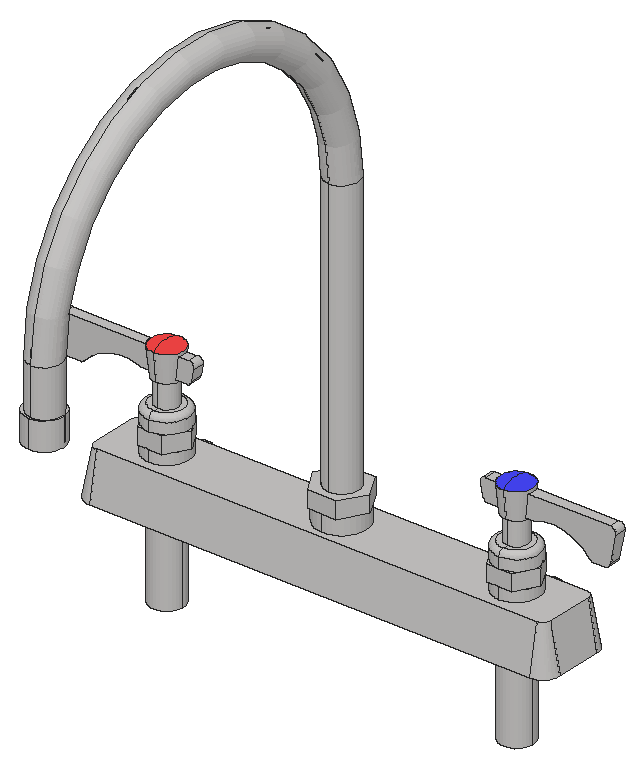
Revit family "Krowne_15-502L_DeckMount_Faucet", category Plumbing Fixtures, Revit 2018
Family settings
  Round Connector Dimension = Use Diameter
  Part Type = Normal
  OmniClass Number = 23.40.40.00
  OmniClass Title = Food Service Equipment and Furnishings
  Work Plane-Based = No
  Always vertical = Yes
  Cut with Voids When Loaded = No
  Shared = No
  Room Calculation Point = No
Parameters (values of type "DefaultType")
  Width = 12 3/4"
  Weight in Pounds = 5
  Watermarked By = ""
  Waste Water Discharge Temperature [instance] = -459.67 °F
  URL Cutsheet = ""
  URL = "https://krowne.com/"
  Status [instance] = ""
  Specification by User [instance] = ""
  Specification by Manufacturer [instance] = ""
  Serial Number [instance] = ""
  Revision Code [instance] = ""
  Plumbing Remarks [instance] = ""
  Plumbing Connection Type = ""
  NAFEM Spec ID Number [instance] = ""
  Model = "15-502L"
  Masterspec [instance] = ""
  Manufacturer = "Krowne Metal"
  KCLRef = "KCL2C9,,0004c591-0000-0000-0000-000000000307,KR,15-502L ,637110198780000000,53bf11c5-0fcf-46a1-84da-226960559c97,9d89b8e6-9a44-48a0-8706-9f74be528bcd"
  KCL SpecSheet URL = "http://kclweb.kclcad.com/imagehandler.ashx?kdoc=15-5xxl&R=KR&M=15-502L%20&VC=7&TID=KCLWeb&T=doc"
  Item Number [instance] = "-"
  Installed By [instance] = ""
  Hot Water Temperature = 100 °F
  Hot Water Size = 1/2"
  Hot Water RI Height [instance] = 0"
  Hot Water Minimum Pressure = 0.00 psi
  Hot Water Maximum Pressure = 0.00 psi
  Hot Water Flow = 1.8 GPM
  Hot Water Consumption = 0 GPM
  Hot Water Connection Height = 0"
  Height = 3 3/8"
  Furnished By [instance] = ""
  Foodservice Equipment Identifier = yes
  Description = "Deck Mount Faucet"
  Depth = 1 7/8"
  Cold Water Temperature Recommended = -459.67 °F
  Cold Water Size = 1/2"
  Cold Water RI Height [instance] = 0"
  Cold Water Minimum Pressure = 0.00 psi
  Cold Water Maximum Pressure = 0.00 psi
  Cold Water Flow = 1.8 GPM
  Cold Water Consumption = ""
  Cold Water Connection Height = 0"
  CSI MasterFormat = ""
  Assembly Code = "E1090300"
Reference planes (in)
  plane 1 "BACK": y = 0
  plane 2: z = 0
  plane 3 "LEFT": x = -18.94073
  plane 4 "RIGHT": x = -6.19073
  plane 5 "FRONT": y = -1.875
  plane 6 "TOP": z = 3.375
  plane 7 "CENTER L/R": x = -12.56573
  plane 8 "Top of Body": z = 1.0625
  plane 9: y = -0.9375
  plane 10: z = 12.75
  plane 11: z = 6.4375
  plane 12: y = -9.4375
Forms (in)
  Sweep 1, solid, material "QF_Stainless-Polished"
    path origin (-12.56573, 0, 0) x (0, 1, 0) y (0, 0, 1)
      loop
        line (-0.9375, 1.0625) -> (-0.9375, 8.125)
        arc (-0.9375, 8.125) -> (-5.1875, 12.375) -> (-9.4375, 8.125) r 4.25
        line (-9.4375, 8.125) -> (-9.4375, 6.4375)
    profile origin (-12.56573, -0.9375, 4.59375) x (0, -1, 0) y (1, 0, 0)
      loop
        circle (0, 0) r 0.375
      loop
        circle (0, 0) r 0.25
  Extrusion 2, solid, material "QF_Stainless-Polished"
    sketch origin (0, 0, 1.0625) x (0, 1, 0) y (-1, 0, 0)
      loop
        circle (-0.9375, 12.56573) r 0.375
      loop
        circle (-0.9375, 12.56573) r 0.4375
    from 0 to 0.625
  Extrusion 3, solid, material "QF_Stainless-Polished"
    sketch origin (0, 0, 1.0625) x (0, 1, 0) y (-1, 0, 0)
      loop
        circle (-0.9375, 12.56573) r 0.5625
      loop
        circle (-0.9375, 12.56573) r 0.375
    from 0 to 0.375
  Extrusion 4, solid, material "QF_Stainless-Polished"
    sketch origin (0, 0, 1.4375) x (0, 1, 0) y (-1, 0, 0)
      loop
        line (-0.9375, 11.91391) -> (-0.37301, 12.23982) -> (-0.37301, 12.89163) -> (-0.9375, 13.21754) -> (-1.50199, 12.89163) -> (-1.50199, 12.23982) -> (-0.9375, 11.91391)
      loop
        circle (-0.9375, 12.56573) r 0.375
    from 0 to 0.375
  Extrusion 5, solid, material "QF_Stainless-Polished"
    sketch origin (-12.56573, -9.4375, 6.4375) x (0, -1, 0) y (-1, 0, 0)
      loop
        circle (0, 0) r 0.375
      loop
        circle (0, 0) r 0.4375
    from 0 to -0.625
Lines and regions (in)
  symbolic lines
    curve 1: line (-12.23982, -0.37301, 0) -> (-12.89163, -0.37301, 0)
    curve 2: line (-12.89163, -0.37301, 0) -> (-13.21754, -0.9375, 0)
    curve 3: line (-13.21754, -0.9375, 0) -> (-12.94073, -1.41696, 0)
    curve 4: line (-12.19073, -1.41696, 0) -> (-11.91391, -0.9375, 0)
    curve 5: line (-11.91391, -0.9375, 0) -> (-12.23982, -0.37301, 0)
    curve 6: arc (-12.56573, -1.3125, 0) -> (-12.94073, -0.9375, 0) -> (-12.56573, -0.5625, 0) r 0.375
    curve 7: arc (-12.56573, -0.5625, 0) -> (-12.19073, -0.9375, 0) -> (-12.56573, -1.3125, 0) r 0.375
    curve 8: arc (-12.94073, -9.4375, 0) -> (-12.83089, -9.70267, 0) -> (-12.56573, -9.8125, 0) r 0.375
    curve 9: arc (-12.56573, -9.8125, 0) -> (-12.30056, -9.70267, 0) -> (-12.19073, -9.4375, 0) r 0.375
    curve 10: line (-12.94073, -9.4375, 0) -> (-12.94073, -0.9375, 0)
    curve 11: line (-12.19073, -0.9375, 0) -> (-12.19073, -9.4375, 0)
Dimensions and locks (in)
  "Width": plane 3 "LEFT" to plane 4 "RIGHT"
  "Depth": plane 5 "FRONT" to plane 1 "BACK"
  "Height": plane 6 "TOP" to plane 2
  plane 8 "Top of Body" to level = 1 1/16"
  equal spacing: plane 5 "FRONT", plane 9, plane 1 "BACK"
  equal spacing: plane 3 "LEFT", plane 7 "CENTER L/R", plane 4 "RIGHT"
  plane 10 to plane 8 "Top of Body" = 11 11/16"
  plane 11 to plane 8 "Top of Body" = 5 3/8"
  plane 12 to plane 1 "BACK" = 9 7/16"
  aligned and locked: level to plane 2
  aligned and locked: plane 9 to Sweep 1 sketch curve
  aligned and locked: Sweep 1 sketch curve to plane 12
  aligned and locked: plane 11 to Sweep 1 sketch curve
Automatic sketch dimensions
  Sweep 1 sketch curve to plane 8 "Top of Body" = 0"
  Sweep 1 sketch curve to Sweep 1 sketch curve = 0"  (x2)
  Sweep 1 sketch curve to plane 7 "CENTER L/R" = 0"
  Sweep 1 sketch curve to profile plane = 0"
  Extrusion 2 sketch curve to Extrusion 2 sketch curve = 0"  (x2)
  Extrusion 2 sketch curve to plane 7 "CENTER L/R" = 0"
  plane 9 to Extrusion 2 sketch curve = 0"
  Extrusion 4 sketch curve to Extrusion 4 sketch curve = 0"  (x2)
  Extrusion 4 sketch curve to Extrusion 4 sketch curve = 0.56449"  (x2)
  Extrusion 4 sketch curve to Extrusion 4 sketch curve = 0.32591"  (x5)
  Extrusion 4 sketch curve to Extrusion 4 sketch curve = 0.65182"
  curve 8 to curve 9 = 0"
  plane 9 to curve 2 = 0"
  plane 12 to curve 10 = 0"
  plane 9 to curve 10 = 0"
  curve 6 to plane 7 "CENTER L/R" = 0"
  plane 9 to curve 11 = 0"
  plane 9 to curve 4 = 0"
  plane 9 to curve 6 = 0"
  curve 1 to plane 7 "CENTER L/R" = 0.32591"
  curve 10 to curve 8 = 3/8"
  curve 3 to curve 10 = 0.27682"
  plane 7 "CENTER L/R" to curve 5 = 0.32591"
  curve 11 to curve 4 = 0.27682"
  plane 1 "BACK" to curve 1 = 0.37301"
  curve 3 to curve 6 = 0.10446"
  curve 4 to curve 6 = 0.10446"
  Sweep 1 sketch curve to plane 10 = 4 5/8"
  Extrusion 3 sketch curve to Extrusion 3 sketch curve = 0"  (x2)
  Extrusion 3 sketch curve to plane 7 "CENTER L/R" = 0"
  plane 9 to Extrusion 3 sketch curve = 0"
  radius of Sweep 1 sketch curve = 3/8"
  radius of Sweep 1 sketch curve = 1/4"
  radius of Extrusion 2 sketch curve = 3/8"
  radius of Extrusion 2 sketch curve = 7/16"
  radius of Extrusion 4 sketch curve to Extrusion 3 = 0"
  radius of Extrusion 5 sketch curve to Sweep 1 = 0"
  radius of Sweep 1 to Extrusion 5 sketch curve = 1/16"
  radius of Extrusion 3 sketch curve = 9/16"
  radius of Extrusion 3 sketch curve = 3/8"
Nested families (in)
  nested 1: "QF_Krowne_15-5_Body" at (-0.1875, -0.03125, 0), type "QF_Krowne_15-5_Body"
Connectors (in)
  piping at (-16.56573, 0.21875, 0.53125), diameter 0.5, driven by "Hot Water Flow", driven by "Hot Water Size"
    settings: on nested 1, index 1, connector inside diameter 24", connector length 0", flow factor 0, pipe flow 1.8 GPM, pressure drop 0.00 psi, fitting loss kfactor 0, connector angle 0.00°, fixture units 0, engagement length 0", angle of deflection 0.00°, flow configuration 1, flow direction 1, fitting loss method 0, system type 19, joint type 0, gender type 0, connector reference index -1, connector utility 0, adjustable connector no, is connector primary yes, connector description "HOT WATER"
  piping at (-8.56573, 0.21875, 0.53125), diameter 0.5, driven by "Cold Water Flow", driven by "Cold Water Size"
    settings: on nested 1, index 2, connector inside diameter 24", connector length 0", flow factor 0, pipe flow 1.8 GPM, pressure drop 0.00 psi, fitting loss kfactor 0, connector angle 0.00°, fixture units 0, engagement length 0", angle of deflection 0.00°, flow configuration 1, flow direction 1, fitting loss method 0, system type 20, joint type 0, gender type 0, connector reference index -1, connector utility 0, adjustable connector no, is connector primary no, connector description "COLD WATER"
Definition of nested family "QF_Krowne_15-5_Body"
  Parameters (values of type "QF_Krowne_15-5_Body")
    Width = 12 3/4"
    Watermarked By = ""
    Height = 3 7/8"
    Description = ""
    Depth = 1 13/16"
  Reference planes (in)
    plane 1 "BACK": y = 0
    plane 2: z = 0
    plane 3 "LEFT": x = -18.75323
    plane 4 "RIGHT": x = -6.00323
    plane 5 "TOP": z = 3.1875
    plane 6 "Center": x = -12.37823
    plane 7 "Left of Handle": x = -16.37823
    plane 8 "Right of Handle": x = -8.37823
    plane 9 "Top of Body": z = 1.0625
    plane 10 "FRONT": y = -1.8125
    plane 11: x = -17.78448
    plane 12: x = -6.97198
    plane 13 "Faucet Handle Center": y = -0.90625
    plane 14: y = -0.78125
    plane 15: y = -1.03125
    plane 16: z = 0.53125
    plane 17: z = 3.375
  Forms (in)
    Blend 1, solid
      base sketch origin (0, 0, 0) x (1, 0, 0) y (0, 1, 0)
        loop
          line (-17.40948, -1.8125) -> (-7.34698, -1.8125)
          arc (-7.34698, -1.8125) -> (-7.08181, -1.70267) -> (-6.97198, -1.4375) r 0.375
          line (-6.97198, -1.4375) -> (-6.97198, -0.375)
          arc (-6.97198, -0.375) -> (-7.08181, -0.10983) -> (-7.34698, 0) r 0.375
          line (-7.34698, 0) -> (-17.40948, 0)
          arc (-17.40948, 0) -> (-17.67464, -0.10983) -> (-17.78448, -0.375) r 0.375
          line (-17.78448, -0.375) -> (-17.78448, -1.4375)
          arc (-17.78448, -1.4375) -> (-17.67464, -1.70267) -> (-17.40948, -1.8125) r 0.375
      top sketch origin (0, 0, 0) x (1, 0, 0) y (0, 1, 0)
        loop
          arc (-17.59698, -1.4375) -> (-17.54206, -1.57008) -> (-17.40948, -1.625) r 0.1875
          line (-17.40948, -1.625) -> (-7.34698, -1.625)
          arc (-7.34698, -1.625) -> (-7.21439, -1.57008) -> (-7.15948, -1.4375) r 0.1875
          line (-7.15948, -1.4375) -> (-7.15948, -0.375)
          arc (-7.15948, -0.375) -> (-7.21439, -0.24242) -> (-7.34698, -0.1875) r 0.1875
          line (-7.34698, -0.1875) -> (-17.40948, -0.1875)
          arc (-17.40948, -0.1875) -> (-17.54206, -0.24242) -> (-17.59698, -0.375) r 0.1875
          line (-17.59698, -0.375) -> (-17.59698, -1.4375)
      from 0 to 1.0625
    Extrusion 2, solid
      sketch origin (0, 0, 1.0625) x (0, 1, 0) y (-1, 0, 0)
        loop
          circle (-0.90625, 16.37823) r 0.5
        loop
          circle (-0.90625, 8.37823) r 0.5
      from 0 to 0.25
    Extrusion 3, solid
      sketch origin (0, 0, 1.3125) x (0, 1, 0) y (-1, 0, 0)
        loop
          line (-0.90625, 15.81573) -> (-0.41911, 16.09698) -> (-0.41911, 16.65948) -> (-0.90625, 16.94073) -> (-1.39339, 16.65948) -> (-1.39339, 16.09698) -> (-0.90625, 15.81573)
        loop
          line (-0.90625, 7.81573) -> (-0.41911, 8.09698) -> (-0.41911, 8.65948) -> (-0.90625, 8.94073) -> (-1.39339, 8.65948) -> (-1.39339, 8.09698) -> (-0.90625, 7.81573)
      from 0 to 0.375
    Revolve 4, solid
      sketch origin (-16.37823, 0, 0) x (0, 1, 0) y (0, 0, 1)
        loop
          line (-0.90625, 1.6875) -> (-0.40625, 1.6875) -> (-0.40625, 1.9375)
          arc (-0.40625, 1.9375) -> (-0.44286, 2.02589) -> (-0.53125, 2.0625) r 0.125
          line (-0.53125, 2.0625) -> (-0.90625, 2.0625) -> (-0.90625, 1.6875)
        axis (-0.90625, 1.6875) -> (-0.90625, 2.0625)
      angle from 0 to 360
    Revolve 5, solid
      sketch origin (-8.37823, 0, 0) x (0, 1, 0) y (0, 0, 1)
        loop
          line (-0.90625, 1.6875) -> (-0.40625, 1.6875) -> (-0.40625, 1.9375)
          arc (-0.40625, 1.9375) -> (-0.44286, 2.02589) -> (-0.53125, 2.0625) r 0.125
          line (-0.53125, 2.0625) -> (-0.90625, 2.0625) -> (-0.90625, 1.6875)
        axis (-0.90625, 1.6875) -> (-0.90625, 2.0625)
      angle from 0 to 360
    Revolve 6, solid
      sketch origin (-8.37823, 0, 0) x (0, 1, 0) y (0, 0, 1)
        loop
          line (-0.90625, 2.0625) -> (-0.65625, 2.0625) -> (-0.65625, 2.625) -> (-0.90625, 2.625) -> (-0.90625, 2.0625)
        axis (-0.90625, 2.0625) -> (-0.90625, 2.625)
      angle from 0 to 360
    Revolve 7, solid
      sketch origin (-16.37823, 0, 0) x (0, 1, 0) y (0, 0, 1)
        loop
          line (-0.90625, 2.0625) -> (-0.65625, 2.0625) -> (-0.65625, 2.625) -> (-0.90625, 2.625) -> (-0.90625, 2.0625)
        axis (-0.90625, 2.0625) -> (-0.90625, 2.625)
      angle from 0 to 360
    Revolve 8, solid
      sketch origin (-16.37823, 0, 0) x (0, 1, 0) y (0, 0, 1)
        loop
          line (-0.90625, 2.625) -> (-0.59375, 2.625) -> (-0.53125, 3.25) -> (-0.90625, 3.25) -> (-0.90625, 2.625)
        axis (-0.90625, 2.625) -> (-0.90625, 3.25)
      angle from 0 to 360
    Revolve 9, solid
      sketch origin (-8.37823, 0, 0) x (0, 1, 0) y (0, 0, 1)
        loop
          line (-0.90625, 2.625) -> (-0.59375, 2.625) -> (-0.53125, 3.25) -> (-0.90625, 3.25) -> (-0.90625, 2.625)
        axis (-0.90625, 2.625) -> (-0.90625, 3.25)
      angle from 0 to 360
    Revolve 10, solid
      sketch origin (-16.37823, 0, 0) x (0, 1, 0) y (0, 0, 1)
        loop
          line (-0.90625, 3.25) -> (-0.53125, 3.25)
          arc (-0.53125, 3.25) -> (-0.70704, 3.34763) -> (-0.90625, 3.375) r 0.54601
          line (-0.90625, 3.375) -> (-0.90625, 3.25)
        axis (-0.90625, 3.25) -> (-0.90625, 3.375)
      angle from 0 to 360
    Revolve 11, solid
      sketch origin (-8.37823, 0, 0) x (0, 1, 0) y (0, 0, 1)
        loop
          line (-0.90625, 3.25) -> (-0.53125, 3.25)
          arc (-0.53125, 3.25) -> (-0.70704, 3.34763) -> (-0.90625, 3.375) r 0.54601
          line (-0.90625, 3.375) -> (-0.90625, 3.25)
        axis (-0.90625, 3.25) -> (-0.90625, 3.375)
      angle from 0 to 360
    Extrusion 12, solid
      sketch origin (0, 0, 0) x (1, 0, 0) y (0, 0, 1)
        loop
          circle (-16.37823, 0.53125) r 0.25
        loop
          circle (-8.37823, 0.53125) r 0.25
      from 0.21074 to -0.25
    Extrusion 13, solid
      sketch origin (0, -0.90625, 0) x (1, 0, 0) y (0, 0, 1)
        loop
          arc (-18.62823, 3.1875) -> (-18.72489, 3.14175) -> (-18.7508, 3.03799) r 0.125
          line (-18.7508, 3.03799) -> (-18.62581, 2.41303)
          arc (-18.62581, 2.41303) -> (-18.58249, 2.34087) -> (-18.50324, 2.31254) r 0.125
          line (-18.50324, 2.31254) -> (-18.25335, 2.31254)
          arc (-18.25335, 2.31254) -> (-18.20057, 2.32423) -> (-18.15766, 2.35712) r 0.125
          arc (-18.15766, 2.35712) -> (-17.58494, 2.72229) -> (-16.90628, 2.69449) r 1.13354
          arc (-16.90628, 2.69449) -> (-16.88545, 2.68898) -> (-16.86398, 2.68712) r 0.125
          line (-16.86398, 2.68712) -> (-15.83077, 2.68712)
          arc (-15.83077, 2.68712) -> (-15.75152, 2.71545) -> (-15.7082, 2.78761) r 0.125
          line (-15.7082, 2.78761) -> (-15.65813, 3.03799)
          arc (-15.65813, 3.03799) -> (-15.68403, 3.14175) -> (-15.7807, 3.1875) r 0.125
          line (-15.7807, 3.1875) -> (-18.62823, 3.1875)
        loop
          line (-6.12823, 3.1875) -> (-8.97575, 3.1875)
          arc (-8.97575, 3.1875) -> (-9.07242, 3.14175) -> (-9.09832, 3.03799) r 0.125
          line (-9.09832, 3.03799) -> (-9.04825, 2.78761)
          arc (-9.04825, 2.78761) -> (-9.00493, 2.71545) -> (-8.92568, 2.68712) r 0.125
          line (-8.92568, 2.68712) -> (-7.89247, 2.68712)
          arc (-7.89247, 2.68712) -> (-7.871, 2.68898) -> (-7.85017, 2.69449) r 0.125
          arc (-7.85017, 2.69449) -> (-7.17151, 2.72229) -> (-6.59879, 2.35712) r 1.13354
          arc (-6.59879, 2.35712) -> (-6.55588, 2.32423) -> (-6.5031, 2.31254) r 0.125
          line (-6.5031, 2.31254) -> (-6.25321, 2.31254)
          arc (-6.25321, 2.31254) -> (-6.17396, 2.34087) -> (-6.13064, 2.41303) r 0.125
          line (-6.13064, 2.41303) -> (-6.00565, 3.03799)
          arc (-6.00565, 3.03799) -> (-6.03156, 3.14175) -> (-6.12823, 3.1875) r 0.125
      from -0.125 to 0.125
    Extrusion 14, solid
      sketch origin (0, 0, 0) x (1, 0, 0) y (0, 1, 0)
        loop
          circle (-16.37823, -0.90625) r 0.375
      from 0 to -2
    Extrusion 15, solid
      sketch origin (0, 0, 0) x (1, 0, 0) y (0, 1, 0)
        loop
          circle (-8.37823, -0.90625) r 0.375
      from 0 to -2
  Lines and regions (in)
    symbolic lines
      curve 1: line (-18.75323, -0.78125, 1.0625) -> (-15.6557, -0.78125, 1.0625)
      curve 2: line (-18.75323, -1.03125, 1.0625) -> (-18.75323, -0.78125, 1.0625)
      curve 3: line (-15.6557, -1.03125, 1.0625) -> (-18.75323, -1.03125, 1.0625)
      curve 4: line (-15.6557, -0.78125, 1.0625) -> (-15.6557, -1.03125, 1.0625)
      curve 5: line (-6.00323, -0.78125, 1.0625) -> (-9.10075, -0.78125, 1.0625)
      curve 6: line (-6.00323, -1.03125, 1.0625) -> (-6.00323, -0.78125, 1.0625)
      curve 7: line (-9.10075, -1.03125, 1.0625) -> (-6.00323, -1.03125, 1.0625)
      curve 8: line (-9.10075, -0.78125, 1.0625) -> (-9.10075, -1.03125, 1.0625)
      curve 9: line (-7.34698, 0, 1.0625) -> (-17.40948, 0, 1.0625)
      curve 10: line (-6.97198, -1.4375, 1.0625) -> (-6.97198, -1.03125, 1.0625)
      curve 11: line (-17.40948, -1.8125, 1.0625) -> (-7.34698, -1.8125, 1.0625)
      curve 12: line (-17.78448, -0.375, 1.0625) -> (-17.78448, -0.78125, 1.0625)
      curve 13: line (-17.78448, -1.03125, 1.0625) -> (-17.78448, -1.4375, 1.0625)
      curve 14: line (-6.97198, -0.78125, 1.0625) -> (-6.97198, -0.375, 1.0625)
      curve 15: line (-16.65948, -0.41911, 1.0625) -> (-16.86856, -0.78125, 1.0625)
      curve 16: line (-16.65948, -0.41911, 1.0625) -> (-16.09698, -0.41911, 1.0625)
      curve 17: line (-16.09698, -0.41911, 1.0625) -> (-15.88789, -0.78125, 1.0625)
      curve 18: line (-16.09698, -1.39339, 1.0625) -> (-16.65948, -1.39339, 1.0625)
      curve 19: line (-16.65948, -1.39339, 1.0625) -> (-16.86856, -1.03125, 1.0625)
      curve 20: line (-16.09698, -1.39339, 1.0625) -> (-15.88789, -1.03125, 1.0625)
      curve 21: line (-8.65948, -0.41911, 1.0625) -> (-8.09698, -0.41911, 1.0625)
      curve 22: line (-8.09698, -0.41911, 1.0625) -> (-7.88789, -0.78125, 1.0625)
      curve 23: line (-8.65948, -0.41911, 1.0625) -> (-8.86856, -0.78125, 1.0625)
      curve 24: line (-8.09698, -1.39339, 1.0625) -> (-8.65948, -1.39339, 1.0625)
      curve 25: line (-8.65948, -1.39339, 1.0625) -> (-8.86856, -1.03125, 1.0625)
      curve 26: line (-8.09698, -1.39339, 1.0625) -> (-7.88789, -1.03125, 1.0625)
      curve 27: arc (-17.78448, -0.375, 1.0625) -> (-17.67464, -0.10983, 1.0625) -> (-17.40948, 0, 1.0625) r 0.375
      curve 28: arc (-6.97198, -0.375, 1.0625) -> (-7.08181, -0.10983, 1.0625) -> (-7.34698, 0, 1.0625) r 0.375
      curve 29: arc (-6.97198, -1.4375, 1.0625) -> (-7.08181, -1.70267, 1.0625) -> (-7.34698, -1.8125, 1.0625) r 0.375
      curve 30: arc (-17.40948, -1.8125, 1.0625) -> (-17.67464, -1.70267, 1.0625) -> (-17.78448, -1.4375, 1.0625) r 0.375
      curve 31: line (-7.34698, -0.1875, 1.0625) -> (-17.40948, -0.1875, 1.0625)
      curve 32: arc (-17.40948, -0.1875, 1.0625) -> (-17.54206, -0.24242, 1.0625) -> (-17.59698, -0.375, 1.0625) r 0.1875
      curve 33: arc (-17.59698, -1.4375, 1.0625) -> (-17.54206, -1.57008, 1.0625) -> (-17.40948, -1.625, 1.0625) r 0.1875
      curve 34: line (-17.40948, -1.625, 1.0625) -> (-7.34698, -1.625, 1.0625)
      curve 35: arc (-7.34698, -1.625, 1.0625) -> (-7.21439, -1.57008, 1.0625) -> (-7.15948, -1.4375, 1.0625) r 0.1875
      curve 36: arc (-7.15948, -0.375, 1.0625) -> (-7.21439, -0.24242, 1.0625) -> (-7.34698, -0.1875, 1.0625) r 0.1875
      curve 37: line (-7.15948, -0.375, 1.0625) -> (-7.15948, -0.78125, 1.0625)
      curve 38: line (-7.15948, -1.4375, 1.0625) -> (-7.15948, -1.03125, 1.0625)
      curve 39: line (-17.59698, -1.4375, 1.0625) -> (-17.59698, -1.03125, 1.0625)
      curve 40: line (-17.59698, -0.375, 1.0625) -> (-17.59698, -0.78125, 1.0625)
  Dimensions and locks (in)
    "Width": plane 3 "LEFT" to plane 4 "RIGHT"
    plane 9 "Top of Body" to level = 1 1/16"
    equal spacing: plane 10 "FRONT", plane 13 "Faucet Handle Center", plane 1 "BACK"
    equal spacing: plane 15, plane 13 "Faucet Handle Center", plane 14
    locked: plane 15 to plane 14 at 0.25
    equal spacing: plane 9 "Top of Body", plane 16, level
    "Depth": plane 10 "FRONT" to plane 1 "BACK"
    plane 5 "TOP" to level = 3 3/16"
    plane 17 to level = 3 3/8"
    plane 7 "Left of Handle" to plane 8 "Right of Handle" = 8"
    equal spacing: plane 7 "Left of Handle", plane 6 "Center", plane 8 "Right of Handle"
    locked: plane 3 "LEFT" to plane 11 at 0.96875
    locked: plane 12 to plane 4 "RIGHT" at 0.96875
    aligned and locked: level to plane 2
    aligned and locked: plane 9 "Top of Body" to Blend 1
    aligned and locked: Extrusion 3 to Revolve 5 sketch curve
    aligned and locked: Revolve 8 sketch curve to Revolve 8 sketch curve
    aligned and locked: Revolve 9 sketch curve to Revolve 9 sketch curve
    aligned and locked: plane 4 "RIGHT" to curve 6
    aligned and locked: curve 12 to plane 11
    aligned and locked: plane 10 "FRONT" to Blend 1 sketch curve
    aligned and locked: Blend 1 sketch curve to plane 11
    aligned and locked: plane 10 "FRONT" to curve 11
    aligned and locked: plane 13 "Faucet Handle Center" to Revolve 5 sketch curve
    aligned and locked: Extrusion 13 to plane 14
    aligned and locked: plane 15 to Extrusion 13
  Automatic sketch dimensions
    Extrusion 2 sketch curve to plane 8 "Right of Handle" = 0"
    plane 13 "Faucet Handle Center" to Extrusion 2 sketch curve = 0"  (x2)
    Extrusion 2 sketch curve to plane 7 "Left of Handle" = 0"
    Revolve 4 sketch curve to plane 13 "Faucet Handle Center" = 0"  (x2)
    Revolve 4 sketch curve to Revolve 4 sketch curve = 3/8"
    Revolve 4 sketch curve to Revolve 4 sketch curve = 1/8"
    plane 9 "Top of Body" to Revolve 4 sketch curve = 5/8"
    Revolve 4 sketch curve to Revolve 4 sketch curve = 1/4"
    Revolve 4 sketch curve to Revolve 4 sketch curve = 0"  (x2)
    Revolve 5 sketch curve to plane 13 "Faucet Handle Center" = 0"
    Revolve 5 sketch curve to Revolve 5 sketch curve = 3/8"
    Revolve 5 sketch curve to Revolve 5 sketch curve = 1/8"
    Revolve 5 sketch curve to Revolve 5 sketch curve = 0"  (x2)
    Revolve 5 sketch curve to Revolve 5 sketch curve = 1/4"
    Revolve 6 sketch curve to plane 13 "Faucet Handle Center" = 0"  (x2)
    Revolve 6 sketch curve to plane 13 "Faucet Handle Center" = 1/4"
    plane 9 "Top of Body" to Revolve 6 sketch curve = 1"
    Revolve 6 sketch curve to Revolve 6 sketch curve = 9/16"
    Revolve 6 sketch curve to Revolve 6 sketch curve = 3/8"
    Revolve 6 sketch curve to Revolve 6 sketch curve = 0"
    Revolve 7 sketch curve to plane 13 "Faucet Handle Center" = 0"  (x2)
    Revolve 7 sketch curve to Revolve 7 sketch curve = 1/4"
    plane 9 "Top of Body" to Revolve 7 sketch curve = 1"
    Revolve 7 sketch curve to Revolve 7 sketch curve = 9/16"
    Revolve 7 sketch curve to Revolve 7 sketch curve = 3/8"
    Revolve 7 sketch curve to Revolve 7 sketch curve = 0"
    Revolve 8 sketch curve to plane 13 "Faucet Handle Center" = 0"
    Revolve 8 sketch curve to Revolve 8 sketch curve = 5/16"
    plane 5 "TOP" to Revolve 8 sketch curve = 1/16"
    Revolve 8 sketch curve to Revolve 8 sketch curve = 3/8"
    Revolve 8 sketch curve to plane 5 "TOP" = 9/16"
    Revolve 8 sketch curve to Revolve 8 sketch curve = 0"  (x2)
    Revolve 9 sketch curve to plane 13 "Faucet Handle Center" = 0"
    Revolve 9 sketch curve to plane 13 "Faucet Handle Center" = 5/16"
    plane 5 "TOP" to Revolve 9 sketch curve = 1/16"
    Revolve 9 sketch curve to plane 13 "Faucet Handle Center" = 3/8"
    Revolve 9 sketch curve to plane 5 "TOP" = 9/16"
    Revolve 9 sketch curve to Revolve 9 sketch curve = 0"  (x2)
    Revolve 10 sketch curve to plane 13 "Faucet Handle Center" = 0"  (x2)
    Revolve 10 sketch curve to plane 13 "Faucet Handle Center" = 0.02655"
    plane 5 "TOP" to Revolve 10 sketch curve = 1/16"
    Revolve 10 sketch curve to Revolve 10 sketch curve = 3/8"
    Revolve 10 sketch curve to plane 5 "TOP" = 0.35786"
    Revolve 10 sketch curve to Revolve 10 sketch curve = 0"  (x2)
    Revolve 11 sketch curve to plane 13 "Faucet Handle Center" = 0"  (x2)
    Revolve 11 sketch curve to plane 13 "Faucet Handle Center" = 0.02655"
    plane 5 "TOP" to Revolve 11 sketch curve = 1/16"
    Revolve 11 sketch curve to Revolve 11 sketch curve = 3/8"
    Revolve 11 sketch curve to plane 5 "TOP" = 0.35786"
    Revolve 11 sketch curve to Revolve 11 sketch curve = 0"  (x2)
    Extrusion 12 sketch curve to plane 7 "Left of Handle" = 0"
    Extrusion 12 sketch curve to plane 8 "Right of Handle" = 0"
    Extrusion 12 sketch curve to plane 16 = 0"  (x2)
    plane 11 to Blend 1 sketch curve = 3/8"
    Blend 1 sketch curve to Blend 1 sketch curve = 3/8"
    plane 1 "BACK" to Blend 1 sketch curve = 3/8"  (x2)
    Blend 1 sketch curve to plane 12 = 3/8"
    Blend 1 sketch curve to plane 12 = 3/16"
    Blend 1 sketch curve to Blend 1 sketch curve = 3/16"  (x4)
    plane 11 to Blend 1 sketch curve = 3/16"
    Blend 1 sketch curve to plane 10 "FRONT" = 3/8"
    plane 1 "BACK" to Blend 1 sketch curve = 0"
    Blend 1 sketch curve to plane 12 = 0"
    curve 27 to curve 32 = 0"  (x2)
    curve 28 to curve 36 = 0"  (x2)
    curve 29 to curve 35 = 0"  (x2)
    curve 30 to curve 33 = 0"  (x2)
    curve 30 to plane 11 = 0"
    curve 29 to plane 12 = 0"
    plane 15 to curve 4 = 0"
    plane 15 to curve 26 = 0"
    plane 14 to curve 40 = 0"
    plane 14 to curve 23 = 0"
    curve 14 to plane 12 = 0"
    plane 1 "BACK" to curve 9 = 0"
    curve 34 to plane 10 "FRONT" = 3/16"
    curve 33 to curve 33 = 3/16"
    curve 34 to curve 35 = 3/16"
    plane 15 to curve 26 = 0.36214"
    plane 15 to curve 20 = 0.36214"
    curve 17 to plane 14 = 0.36214"
    curve 23 to plane 14 = 0.36214"
    curve 27 to curve 27 = 3/8"
    plane 1 "BACK" to curve 14 = 3/8"
    curve 31 to curve 28 = 3/16"
    plane 8 "Right of Handle" to curve 22 = 9/32"
    plane 8 "Right of Handle" to curve 24 = 9/32"
    curve 24 to plane 8 "Right of Handle" = 9/32"
    curve 21 to plane 8 "Right of Handle" = 9/32"
    curve 21 to curve 8 = 0.44128"
    plane 7 "Left of Handle" to curve 4 = 0.72253"
    plane 7 "Left of Handle" to curve 20 = 9/32"
    plane 7 "Left of Handle" to curve 17 = 9/32"
    curve 19 to plane 7 "Left of Handle" = 9/32"
    curve 16 to plane 7 "Left of Handle" = 9/32"
    curve 2 to plane 3 "LEFT" = 0"
    curve 22 to curve 21 = 0.20908"
    curve 26 to curve 22 = 0"
    curve 23 to curve 5 = 0.2322"
    curve 25 to curve 7 = 0.2322"
    curve 3 to curve 20 = 0.2322"
    curve 1 to curve 17 = 0.2322"
    curve 18 to curve 19 = 0.20908"
    curve 15 to curve 19 = 0"
    Extrusion 3 sketch curve to Extrusion 3 sketch curve = 0"
    Extrusion 3 sketch curve to Extrusion 3 sketch curve = 0.48714"  (x6)
    Extrusion 3 sketch curve to Extrusion 3 sketch curve = 9/32"  (x6)
    Extrusion 3 sketch curve to Extrusion 3 sketch curve = 9/16"  (x4)
    Extrusion 3 sketch curve to Extrusion 3 sketch curve = 6 7/8"
    Extrusion 13 sketch curve to plane 5 "TOP" = 0"  (x2)
    Extrusion 13 sketch curve to plane 7 "Left of Handle" = 2.37257"
    Extrusion 13 sketch curve to plane 7 "Left of Handle" = 2 1/4"
    Extrusion 13 sketch curve to plane 7 "Left of Handle" = 2.24759"
    Extrusion 13 sketch curve to plane 7 "Left of Handle" = 2 1/8"
    Extrusion 13 sketch curve to Extrusion 13 sketch curve = 0.24989"
    plane 9 "Top of Body" to Extrusion 13 sketch curve = 0.56533"  (x2)
    Extrusion 13 sketch curve to Extrusion 13 sketch curve = 0.96348"
    Extrusion 13 sketch curve to plane 5 "TOP" = 0.50038"  (x2)
    Extrusion 13 sketch curve to Extrusion 13 sketch curve = 0.42589"  (x2)
    Extrusion 13 sketch curve to Extrusion 13 sketch curve = 1.03321"  (x2)
    Extrusion 13 sketch curve to plane 5 "TOP" = 1/8"  (x2)
    Extrusion 13 sketch curve to Extrusion 13 sketch curve = 0.05007"  (x2)
    Extrusion 13 sketch curve to plane 5 "TOP" = 0.39989"  (x2)
    Extrusion 13 sketch curve to Extrusion 13 sketch curve = 0.12257"  (x3)
    Extrusion 13 sketch curve to plane 5 "TOP" = 0.14951"  (x4)
    plane 6 "Center" to Extrusion 13 sketch curve = 3.2799"
    plane 8 "Right of Handle" to Extrusion 13 sketch curve = 1.87513"
    plane 8 "Right of Handle" to Extrusion 13 sketch curve = 2 1/8"
    plane 8 "Right of Handle" to Extrusion 13 sketch curve = 2.24759"
    plane 8 "Right of Handle" to Extrusion 13 sketch curve = 2 1/4"
    Extrusion 13 sketch curve to plane 5 "TOP" = 0.87496"
    Extrusion 13 sketch curve to Extrusion 13 sketch curve = 0.74996"
    Extrusion 13 sketch curve to Extrusion 13 sketch curve = 0.10049"  (x2)
    Extrusion 13 sketch curve to Extrusion 13 sketch curve = 1/8"  (x4)
    Extrusion 13 sketch curve to Extrusion 13 sketch curve = 0"  (x2)
    Extrusion 14 sketch curve to plane 7 "Left of Handle" = 0"
    plane 13 "Faucet Handle Center" to Extrusion 14 sketch curve = 0"
    Extrusion 15 sketch curve to plane 8 "Right of Handle" = 0"
    plane 13 "Faucet Handle Center" to Extrusion 15 sketch curve = 0"
    radius of Extrusion 2 sketch curve = 1/2"  (x2)
    radius of Extrusion 12 sketch curve = 1/4"  (x2)
    radius of Extrusion 14 sketch curve = 3/8"
    radius of Extrusion 15 sketch curve = 3/8"
